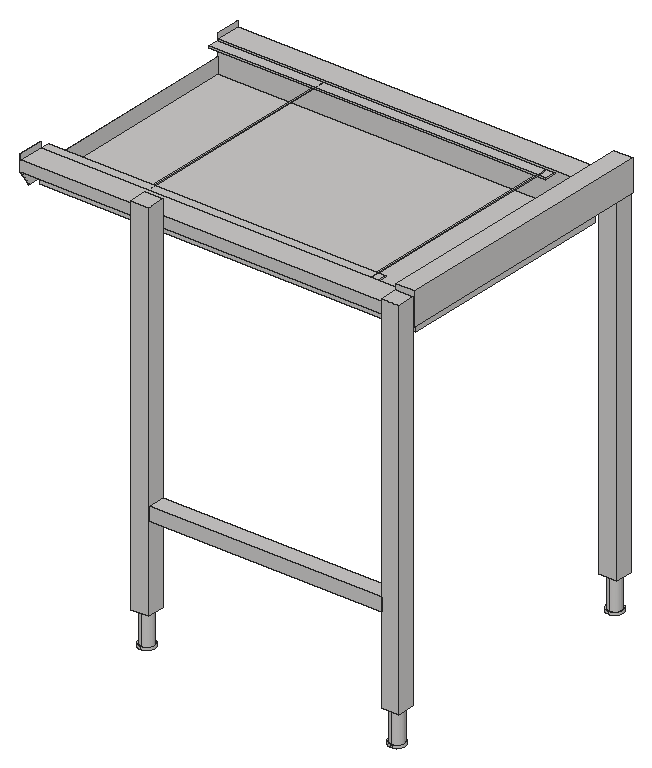
Revit family "QF_ELECTROLUXPROFESSIONAL_863129_HSSL9", category Specialty Equipment, Revit 2018
Family settings
  Round Connector Dimension = Use Diameter
  Part Type = Normal
  Work Plane-Based = No
  Always vertical = Yes
  Cut with Voids When Loaded = No
  Shared = No
  Room Calculation Point = No
Parameters
  Weight = 0.00 kg
  Watts = 0 W
  Volts = 0 V
  URL Manufacturer = "http://professional.electrolux.com/"
  URL = "http://professional.electrolux.com/"
  Steam Supply Size = 0 mm
  Steam Supply Minimum Pressure = 0.0 Pa
  Steam Supply Maximum Pressure = 0.0 Pa
  Steam Pounds per Hour = 0
  Refrigeration Suction Line Size = 0 mm
  Refrigeration Liquid Line Size = 0 mm
  Refrigerant Compressor Remote = yes
  Manufacturer = "Electrolux"
  Phase = 0
  Model = "HSSL9"
  Length Actual = 900 mm  # constant formula
  Item Number = "863129"
  Hot Water Size = 0 mm
  Height Actual = 922 mm  # constant formula
  HP = "0 HP"
  Gas Size = 0 mm
  Gas KW = 0
  Gas Input Pressure = 0 W
  Description = "SIDE LOADER, DW DRIVEN L=900"
  Depth Actual = 623 mm  # constant formula
  Cycle = 0 Hz
  Condensate Return Size = 0 mm
  Compressed Air Volume = 0.0 L/s
  Compressed Air Size = 0 mm
  Compressed Air Pressure = 0.0 Pa
  Cold Water Size = 0 mm
  Accessory = yes
Reference planes
  plane 1 "Centro (Fronte/Retro)": y = 74.737
  plane 2: z = 0
  plane 3 "LEFT": x = -1138.761
  plane 4 "BACK": y = 384.737
  plane 5 "FRONT": y = -235.263
  plane 6 "RIGHT": x = -238.761
  plane 7: z = 887.1
Forms (mm)
  Extrusion 1, solid, material "QF_Finishes_Stainless Steel"
    sketch origin (11.239, 0, 0) x (0, 1, 0) y (0, 0, 1)
      loop
        line (-235.263, 874.1) -> (-235.263, 850.033) -> (-178.263, 850.033) -> (-178.263, 874.1) -> (-235.263, 874.1)
      loop
        line (384.737, 874.1) -> (327.737, 874.1) -> (327.737, 850.033) -> (384.737, 850.033) -> (384.737, 874.1)
    from -1148.8 to -293.54
  Extrusion 2, solid, material "QF_Finishes_Stainless Steel"
    sketch origin (11.239, 0, 0) x (0, 1, 0) y (0, 0, 1)
      loop
        line (-179.749, 850.033) -> (-179.749, 800.081) -> (329.266, 800.081) -> (329.266, 850.033) -> (327.737, 850.033) -> (327.737, 803.081) -> (-178.263, 803.081) -> (-178.263, 850.033) -> (-179.749, 850.033)
    from -1148.8 to -293.54
  Extrusion 3, solid, material "QF_Finishes_Stainless Steel"
    sketch origin (1218.899, 723.253, 4000) x (0, 1, 0) y (0, 0, 1)
      loop
        line (-903.002, -3149.967) -> (-903.002, -3199.919) -> (-393.987, -3199.919) -> (-393.987, -3149.967) -> (-903.002, -3149.967)
    from -1500 to -1501.2
  Extrusion 4, solid, material "QF_Finishes_Stainless Steel"
    sketch origin (-548.761, 803.498, 0) x (0, 1, 0) y (0, 0, 1)
      loop
        line (-1079.929, 300) -> (-1079.929, 270) -> (-1039.929, 270) -> (-1039.929, 300) -> (-1079.929, 300)
    from -264.04 to 266.46
  Extrusion 5, solid, material "QF_Finishes_Stainless Steel"
    sketch origin (362.439, 723.253, 4000) x (0, 1, 0) y (0, 0, 1)
      loop
        line (-958.516, -3112.9) -> (-958.516, -3149.967) -> (-934.752, -3185.632) -> (-903.002, -3185.632) -> (-903.002, -3199.919) -> (-382.009, -3199.919) -> (-382.009, -3185.632) -> (-362.281, -3185.632) -> (-338.516, -3149.967) -> (-338.516, -3112.9) -> (-395.516, -3112.9) -> (-395.516, -3161.926) -> (-901.516, -3161.926) -> (-901.516, -3112.9) -> (-958.516, -3112.9)
    from -1500 to -1501.2
  Extrusion 6, solid, material "QF_Finishes_Stainless Steel"
    sketch origin (800, 74.737, 0) x (1, 0, 0) y (0, 0, 1)
      loop
        line (-1082.301, 922.1) -> (-1082.301, 850.033) -> (-1038.761, 850.033) -> (-1038.761, 922.1) -> (-1082.301, 922.1)
    from -310 to 310
  Extrusion 7, solid, material "QF_Finishes_Stainless Steel"
    sketch origin (11.239, 0, 40) x (0, 1, 0) y (0, 0, 1)
      loop
        line (-178.263, 831.1) -> (-178.263, 828.1) -> (-152.853, 828.1) -> (-152.853, 831.1) -> (-178.263, 831.1)
      loop
        line (327.737, 828.1) -> (327.737, 831.1) -> (302.405, 831.1) -> (302.405, 828.1) -> (327.737, 828.1)
    from -1150 to -381.964
  Extrusion 8, solid, material "QF_Finishes_Stainless Steel"
    sketch origin (0, 74.737, 0) x (1, 0, 0) y (0, 0, 1)
      loop
        circle (-394.266, 866.614) r 1.486
      loop
        circle (-903.224, 866.614) r 1.486
    from -253 to 253
Cuts and joins
  joined: Extrusion 1, Extrusion 2, Extrusion 3, Extrusion 5, Extrusion 6, Extrusion 7, Extrusion 8
Lines and regions (mm)
  Masking region 1
    outline origin (0, 0, 0) x (1, 0, 0) y (0, 1, 0)
      loop
        line (-1138.761, 384.737) -> (-1138.761, -235.263) -> (-238.761, -235.263) -> (-238.761, 384.737) -> (-1138.761, 384.737)
  symbolic lines
    curve 1: line (-238.761, 384.737, 0) -> (-1138.761, 384.737, 0)
    curve 2: line (-238.761, -235.263, 0) -> (-238.761, 384.737, 0)
    curve 3: line (-1138.761, -235.263, 0) -> (-238.761, -235.263, 0)
    curve 4: line (-282.301, -178.263, 0) -> (-1138.761, -178.263, 0)
    curve 5: line (-282.301, -235.263, 0) -> (-282.301, 384.737, 0)
    curve 6: line (-370.724, -178.263, 0) -> (-370.724, -152.853, 0)
    curve 7: line (-370.724, -152.853, 0) -> (-1138.761, -152.853, 0)
    curve 8: line (-899.461, -152.853, 0) -> (-899.461, 302.327, 0)
    curve 9: line (-1138.761, 327.737, 0) -> (-282.301, 327.737, 0)
    curve 10: line (-896.488, 302.327, 0) -> (-896.488, -152.853, 0)
    curve 11: line (-395.752, -152.853, 0) -> (-395.752, 302.327, 0)
    curve 12: line (-392.779, 302.147, 0) -> (-392.779, -152.853, 0)
    curve 13: line (-370.724, 327.737, 0) -> (-370.724, 302.327, 0)
    curve 14: line (-370.724, 302.327, 0) -> (-1138.761, 302.327, 0)
    curve 15: line (-1138.761, 74.737, 0) -> (-1108.761, 74.737, 0)
    curve 16: line (-547.551, -235.254, 0) -> (-547.551, -205.254, 0)
Dimensions and locks
  plane 3 "LEFT" to plane 6 "RIGHT" = 900 mm
  equal spacing: plane 4 "BACK", plane 1 "Centro (Fronte/Retro)", plane 5 "FRONT"
  plane 4 "BACK" to plane 5 "FRONT" = 620 mm
  aligned and locked: level to plane 2
Automatic sketch dimensions
  plane 5 "FRONT" to Extrusion 2 sketch curve = 55.514 mm
  Extrusion 2 sketch curve to Extrusion 2 sketch curve = 1.486 mm
  Extrusion 2 sketch curve to plane 4 "BACK" = 57 mm
  Extrusion 2 sketch curve to Extrusion 2 sketch curve = 1.529 mm
  Extrusion 2 sketch curve to plane 7 = 87.019 mm
  Extrusion 2 sketch curve to Extrusion 2 sketch curve = 3 mm
  Extrusion 2 sketch curve to plane 7 = 37.067 mm  (x2)
  plane 5 "FRONT" to Extrusion 3 sketch curve = 55.514 mm
  Extrusion 3 sketch curve to plane 4 "BACK" = 55.471 mm
  Extrusion 3 sketch curve to plane 7 = 87.019 mm
  Extrusion 3 sketch curve to plane 7 = 37.067 mm
  Masking region 1 sketch curve to plane 3 "LEFT" = 0 mm
  Masking region 1 sketch curve to plane 5 "FRONT" = 0 mm
  Masking region 1 sketch curve to plane 6 "RIGHT" = 0 mm
  Masking region 1 sketch curve to plane 4 "BACK" = 0 mm
  Extrusion 4 sketch curve to plane 5 "FRONT" = 41.168 mm
  Extrusion 4 sketch curve to plane 5 "FRONT" = 1.168 mm
  level to Extrusion 4 sketch curve = 270 mm
  Extrusion 4 sketch curve to Extrusion 4 sketch curve = 30 mm
  Extrusion 5 sketch curve to plane 5 "FRONT" = 0 mm
  Extrusion 5 sketch curve to plane 7 = 0 mm  (x2)
  Extrusion 5 sketch curve to plane 4 "BACK" = 0 mm
  plane 5 "FRONT" to Extrusion 5 sketch curve = 23.764 mm
  Extrusion 5 sketch curve to Extrusion 5 sketch curve = 31.75 mm
  plane 5 "FRONT" to Extrusion 5 sketch curve = 57 mm
  Extrusion 5 sketch curve to plane 4 "BACK" = 57 mm
  Extrusion 5 sketch curve to Extrusion 5 sketch curve = 13.508 mm
  Extrusion 5 sketch curve to Extrusion 5 sketch curve = 19.728 mm
  Extrusion 5 sketch curve to plane 7 = 37.067 mm  (x2)
  Extrusion 5 sketch curve to Extrusion 5 sketch curve = 11.959 mm
  Extrusion 5 sketch curve to Extrusion 5 sketch curve = 23.706 mm  (x2)
  Extrusion 5 sketch curve to Extrusion 5 sketch curve = 14.287 mm
  Extrusion 6 sketch curve to plane 6 "RIGHT" = 0 mm
  Extrusion 6 sketch curve to plane 6 "RIGHT" = 43.54 mm
  Extrusion 6 sketch curve to plane 7 = 37.067 mm
  plane 7 to Extrusion 6 sketch curve = 35 mm
  plane 5 "FRONT" to Extrusion 7 sketch curve = 57 mm
  Extrusion 7 sketch curve to plane 4 "BACK" = 57 mm
  Extrusion 7 sketch curve to plane 7 = 16 mm  (x2)
  Extrusion 7 sketch curve to Extrusion 7 sketch curve = 25.41 mm
  Extrusion 7 sketch curve to Extrusion 7 sketch curve = 25.332 mm
  Extrusion 7 sketch curve to Extrusion 7 sketch curve = 3 mm  (x2)
  Extrusion 1 sketch curve to plane 5 "FRONT" = 0 mm
  Extrusion 1 sketch curve to plane 4 "BACK" = 0 mm
  plane 5 "FRONT" to Extrusion 1 sketch curve = 57 mm
  Extrusion 1 sketch curve to plane 7 = 13 mm  (x2)
  Extrusion 1 sketch curve to plane 4 "BACK" = 57 mm
  Extrusion 1 sketch curve to Extrusion 1 sketch curve = 24.067 mm
  Extrusion 1 sketch curve to plane 7 = 37.067 mm
  Extrusion 8 sketch curve to plane 7 = 20.486 mm  (x2)
  plane 3 "LEFT" to Extrusion 8 sketch curve = 235.537 mm
  Extrusion 8 sketch curve to plane 6 "RIGHT" = 155.505 mm
  curve 9 to plane 3 "LEFT" = 0 mm
  curve 1 to plane 3 "LEFT" = 0 mm
  plane 1 "Centro (Fronte/Retro)" to curve 15 = 0 mm
  curve 15 to plane 3 "LEFT" = 0 mm
  curve 14 to plane 3 "LEFT" = 0 mm
  curve 3 to plane 3 "LEFT" = 0 mm
  curve 7 to plane 3 "LEFT" = 0 mm
  curve 4 to plane 3 "LEFT" = 0 mm
  curve 5 to plane 5 "FRONT" = 0 mm
  curve 5 to plane 4 "BACK" = 0 mm
  curve 2 to plane 6 "RIGHT" = 0 mm
  curve 14 to plane 6 "RIGHT" = 131.964 mm
  curve 7 to plane 6 "RIGHT" = 131.964 mm
  plane 5 "FRONT" to curve 6 = 82.41 mm
  curve 14 to plane 4 "BACK" = 82.41 mm
  curve 15 to curve 15 = 30 mm
  curve 7 to curve 8 = 239.3 mm
  curve 8 to curve 10 = 2.973 mm
  plane 5 "FRONT" to curve 16 = 30.009 mm
  curve 10 to curve 16 = 348.937 mm
  curve 11 to curve 6 = 25.027 mm
  curve 11 to curve 12 = 2.973 mm
  curve 5 to curve 2 = 43.54 mm
  plane 5 "FRONT" to curve 16 = 0.009 mm
  curve 4 to curve 7 = 25.41 mm
  curve 12 to curve 11 = 0.181 mm
  curve 14 to curve 9 = 25.41 mm
  radius of Extrusion 8 sketch curve = 1.486 mm  (x2)
Nested families
  nested 1: "Foot_40x40" at (-832.801, -256.431, 0) x (0, 1, 0) z (0, 0, 1), type "Foot_40x40"
    with A 910 mm
  nested 2: "Foot_40x40" at (-262.253, -256.431, 0) x (0, 1, 0) z (0, 0, 1), type "Foot_40x40"
    with A 910 mm
  nested 3: "Foot_40x40" at (-262.253, 363.569, 0) x (0, 1, 0) z (0, 0, 1), type "Foot_40x40"
    with A 850.033 mm
Definition of nested family "Foot_40x40"
  Parameters
    A [instance] = 850 mm
  Reference planes
    plane 1 "Centro (Fronte/Retro)": y = 0
    plane 2: z = 0
    plane 3 "Centro (Sinistra/Destra)": x = 0
    plane 4: z = 850
  Forms (mm)
    Extrusion 1, solid
      sketch origin (0, 0, 0) x (1, 0, 0) y (0, 1, 0)
        loop
          circle (0, 0) r 18
      from 0 to 5
    Extrusion 2, solid
      sketch origin (0, 0, 5) x (1, 0, 0) y (0, 1, 0)
        loop
          circle (0, 0) r 15
      from 0 to 70
    Extrusion 3, solid
      sketch origin (0, 0, 75) x (1, 0, 0) y (0, 1, 0)
        loop
          line (-20, 20) -> (-20, -20) -> (20, -20) -> (20, 20) -> (-20, 20)
      from 0 to 775
  Dimensions and locks
    "A": plane 4 to plane 2
    aligned and locked: level to plane 2
    aligned and locked: plane 4 to Extrusion 3
    aligned and locked: Extrusion 1 to level
  Automatic sketch dimensions
    plane 1 "Centro (Fronte/Retro)" to Extrusion 1 sketch curve = 0 mm
    Extrusion 1 sketch curve to plane 3 "Centro (Sinistra/Destra)" = 0 mm
    Extrusion 3 sketch curve to Extrusion 3 sketch curve = 40 mm  (x2)
    radius of Extrusion 1 sketch curve = 18 mm
    radius of Extrusion 2 sketch curve to Extrusion 1 = 3 mm
